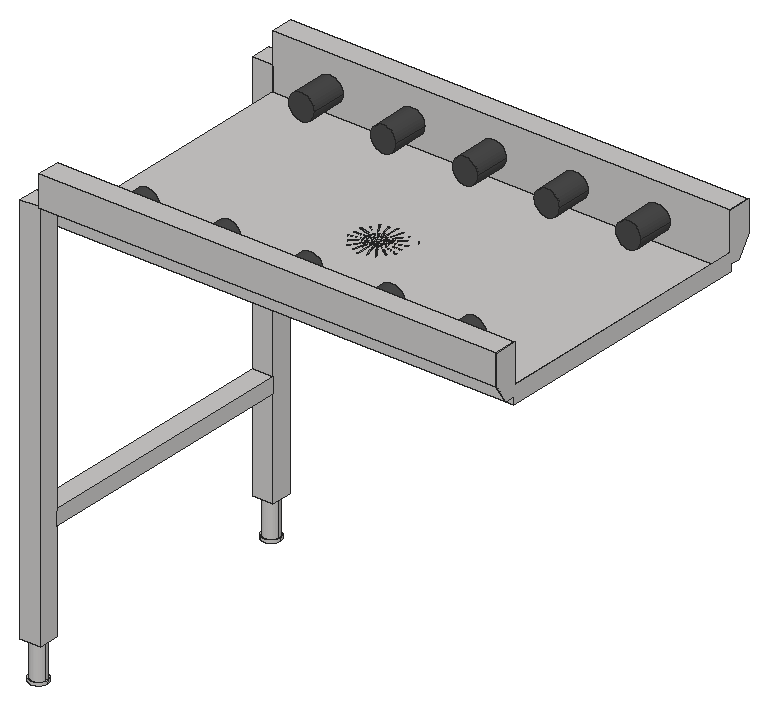
Revit family "QF_ELECTROLUXPROFESSIONAL_863141_HSSRC9", category Specialty Equipment, Revit 2018 (continued)
Automatic sketch dimensions
  curve 179 to curve 179 = 0.781 mm
  curve 322 to curve 327 = 2.399 mm
  curve 67 to curve 67 = 0.781 mm
  curve 212 to curve 199 = 2.449 mm
  curve 66 to curve 68 = 0.76 mm
  curve 327 to curve 328 = 0.616 mm
  curve 199 to curve 206 = 0.587 mm
  curve 206 to curve 204 = 0.52 mm
  curve 328 to curve 330 = 0.601 mm
  curve 204 to curve 203 = 0.616 mm
  curve 330 to curve 331 = 0.587 mm
  curve 328 to curve 27 = 3.059 mm
  curve 205 to curve 59 = 3.101 mm
  curve 330 to curve 335 = 2.884 mm
  curve 203 to curve 191 = 2.94 mm
  curve 28 to curve 21 = 0.224 mm
  curve 58 to curve 57 = 0.229 mm
  curve 336 to curve 336 = 0.313 mm
  curve 191 to curve 198 = 0.308 mm
  curve 28 to curve 27 = 0.561 mm
  curve 59 to curve 59 = 0.561 mm
  curve 336 to curve 188 = 0.295 mm
  curve 198 to curve 196 = 0.29 mm
  curve 336 to curve 338 = 0.321 mm
  curve 196 to curve 195 = 0.313 mm
  curve 338 to curve 339 = 0.308 mm
  curve 58 to curve 60 = 0.544 mm
  curve 28 to curve 26 = 0.579 mm
  curve 65 to curve 63 = 1.393 mm
  curve 173 to curve 174 = 0.82 mm
  curve 64 to curve 62 = 0.791 mm
  curve 174 to curve 176 = 0.81 mm
  curve 63 to curve 63 = 0.8 mm
  curve 175 to curve 175 = 0.8 mm
  curve 188 to curve 43 = 3.807 mm
  curve 336 to curve 35 = 4.239 mm
  curve 198 to curve 51 = 4.255 mm
  curve 35 to curve 35 = 0.298 mm
  curve 50 to curve 51 = 0.298 mm
  curve 35 to curve 29 = 0.642 mm
  curve 50 to curve 49 = 0.665 mm
  curve 50 to curve 52 = 0.265 mm
  curve 36 to curve 34 = 0.332 mm
  curve 176 to curve 21 = 10.88 mm
  curve 62 to curve 57 = 10.93 mm
  curve 21 to curve 22 = 0.616 mm
  curve 56 to curve 56 = 0.587 mm
  curve 56 to curve 54 = 0.52 mm
  curve 22 to curve 24 = 0.601 mm
  curve 54 to curve 53 = 0.616 mm
  curve 24 to curve 25 = 0.587 mm
  curve 24 to curve 29 = 2.127 mm
  curve 53 to curve 49 = 2.182 mm
  curve 30 to curve 30 = 0.313 mm
  curve 48 to curve 48 = 0.308 mm
  curve 48 to curve 46 = 0.29 mm
  curve 30 to curve 32 = 0.321 mm
  curve 46 to curve 45 = 0.313 mm
  curve 32 to curve 33 = 0.308 mm
  curve 32 to curve 38 = 5.376 mm
  curve 352 to plane 4 "BACK" = 119.42 mm
  curve 343 to plane 4 "BACK" = 119.42 mm
  curve 13 to plane 4 "BACK" = 119.42 mm
  curve 350 to curve 351 = 0 mm
  curve 17 to curve 19 = 69.954 mm
  curve 345 to plane 4 "BACK" = 49.466 mm
  curve 348 to plane 4 "BACK" = 49.466 mm
  curve 16 to plane 4 "BACK" = 49.466 mm
  curve 354 to plane 4 "BACK" = 49.466 mm
  curve 8 to curve 8 = 30 mm
  curve 317 to curve 182 = 3.865 mm
  curve 7 to plane 7 "RIGHT" = 30 mm
  curve 4 to curve 6 = 45.021 mm
  curve 10 to curve 118 = 12.488 mm
  curve 12 to curve 93 = 4.349 mm
  curve 3 to plane 4 "BACK" = 45.021 mm
  radius of Extrusion 6 sketch curve = 25 mm  (x5)
  radius of Extrusion 17 sketch curve = 5 mm
  radius of Extrusion 29 sketch curve = 25 mm  (x5)
Nested families
  nested 1: "Foot_40x40" at (-1059.929, 361.245, 0), type "Foot_40x40"
    with A 850.033 mm
  nested 2: "Foot_40x40" at (-1059.929, -211.771, 0), type "Foot_40x40"
    with A 850.033 mm
Connectors
  piping at (-588.761, 74.737, 744.096), diameter 30
    settings: on cut or joined group of Extrusion 2, Extrusion 3, Revolve 4, Revolve 5, Extrusion 7, Extrusion 8, Extrusion 9, Extrusion 10, Extrusion 11, Extrusion 12, Extrusion 13, Extrusion 14, Extrusion 15, Extrusion 16, Extrusion 17, Extrusion 18, Extrusion 19, Extrusion 20, Extrusion 21, Extrusion 22, Extrusion 23, Extrusion 24, Extrusion 25, Extrusion 26, Extrusion 27, index 1, connector inside diameter 609.6 mm, connector length 0 mm, flow factor 0, pipe flow 0.0 L/s, pressure drop 0.0 Pa, fitting loss kfactor 0, connector angle 0.00°, fixture units 0, engagement length 0 mm, angle of deflection 0.00°, flow configuration 1, flow direction 2, fitting loss method 0, system type 16, joint type 0, gender type 0, connector reference index -1, connector utility 0, adjustable connector no, is connector primary yes, connector description "Drain"
Definition of nested family "Foot_40x40"
  Parameters
    A [instance] = 850 mm
  Reference planes
    plane 1 "Centro (Fronte/Retro)": y = 0
    plane 2: z = 0
    plane 3 "Centro (Sinistra/Destra)": x = 0
    plane 4: z = 850
  Forms (mm)
    Extrusion 1, solid
      sketch origin (0, 0, 0) x (1, 0, 0) y (0, 1, 0)
        loop
          circle (0, 0) r 18
      from 0 to 5
    Extrusion 2, solid
      sketch origin (0, 0, 5) x (1, 0, 0) y (0, 1, 0)
        loop
          circle (0, 0) r 15
      from 0 to 70
    Extrusion 3, solid
      sketch origin (0, 0, 75) x (1, 0, 0) y (0, 1, 0)
        loop
          line (-20, 20) -> (-20, -20) -> (20, -20) -> (20, 20) -> (-20, 20)
      from 0 to 775
  Dimensions and locks
    "A": plane 4 to plane 2
    aligned and locked: level to plane 2
    aligned and locked: plane 4 to Extrusion 3
    aligned and locked: Extrusion 1 to level
  Automatic sketch dimensions
    plane 1 "Centro (Fronte/Retro)" to Extrusion 1 sketch curve = 0 mm
    Extrusion 1 sketch curve to plane 3 "Centro (Sinistra/Destra)" = 0 mm
    Extrusion 3 sketch curve to Extrusion 3 sketch curve = 40 mm  (x2)
    radius of Extrusion 1 sketch curve = 18 mm
    radius of Extrusion 2 sketch curve to Extrusion 1 = 3 mm
Types (2, lengths in mm): name | URL | Manufacturer | Model | Description
  (no name) | 0 | 0 | 0 | 0
  QF_ELECTROLUX_863141_HSSRC9 | "http://professional.electrolux.com" | "Electrolux" | "HSSRC9" | "CONVEYOR, SHORT ROLLERS, 900 MM"
